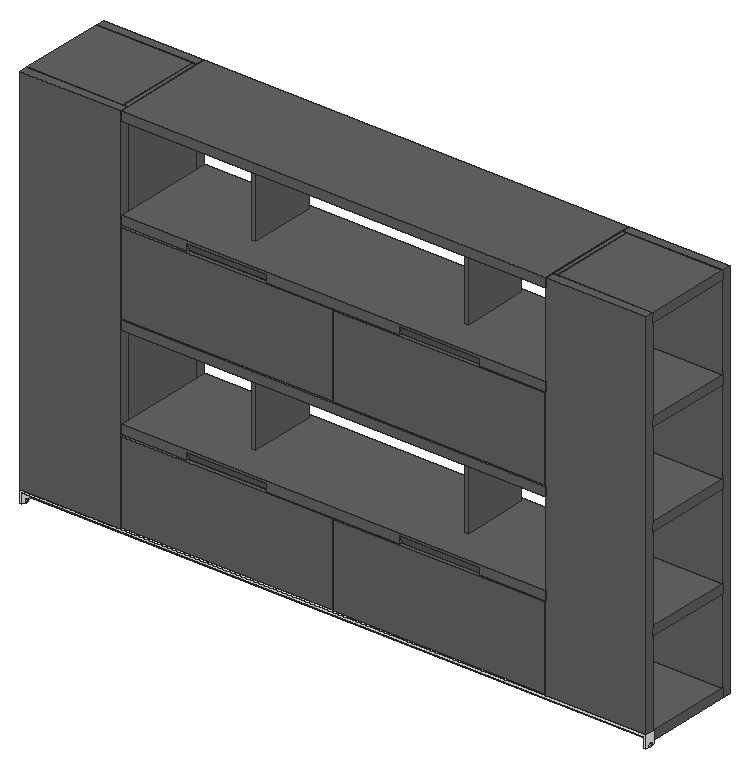
Revit family "Bookcase-Teknion-ZXBD_Storage_Side_Shelves-R2011", category Furniture Systems, Revit 2013
Parameters (values of type "18"x108"x66", Hidden Box, Lateral File Drawer")
  Has Right File Drawer = yes
  Has Left File Drawer = yes
  Width = 108"
  Warranty = "http://www.teknionstudio.com/pdfs/Teknion%20Studio%20Warranty.pdf"
  Unit Weight = 780.00 lbf
  Unit Finish [instance] = Veneer - Teknion - P7 - Grey Oak
  URL = "www.teknionstudio.com"
  Series = "B&B Italia"
  Product Page URL = "http://www.teknionstudio.com/acexecutive/"
  Product Line = "AC Executive"
  Product Documentation Link = "http://www.teknionstudio.com/pricing/ac_executive_ppg.pdf"
  Percentage of Recycled Content = 0
  Part Number = "ZXBD"
  Model = "ZXBD1810866B"
  Manufacturer Phone = "919-464-2920"
  Manufacturer Fax = "919-464-2927"
  Manufacturer Email = "customersupport@teknionstudio.com"
  Manufacturer Address = "3940 US 70 Business HWY West, Clayton, NC 27520"
  Manufacturer = "Teknion Studio"  # constant formula
  Low Emitting Material = yes
  Low Emitting Finish = yes
  Height = 66.712"
  Has Right Hidden Box = yes
  Has Left Hidden Box = yes
  Description = "Bookcase w/Storage & Side Access Shlvs, 18\"dx108\"wx66\"h, Hidden Box & Lat File Drawer"
  Depth = 18"
  Assembly Code = "E2020200"
Types (5): name | Model | Has Right Hidden Box | Has Left Hidden Box | Description
  (no name) | "ZXBD1810866B" | yes | yes | "Bookcase w/Storage & Side Access Shlvs, 18\"dx108\"wx66\"h, Hidden Box & Lat File Drawer"
  18"x108"x66", Hidden Box, Lateral File Drawer | "ZXBD1810866B" | yes | yes | "Bookcase w/Storage & Side Access Shlvs, 18\"dx108\"wx66\"h, Hidden Box & Lat File Drawer"
  18"x108"66", Lateral File Drawers | "ZXBD1810866F" | no | no | "Bookcase w/Storage & Side Access Shlvs, 18\"dx108\"wx66\"h, Lat File Drawers"
  18"x108"x66", Left Lateral File, Right Hidden Box/Lateral File | "ZXBD1810866X" | yes | no | "Bookcase w/Storage & Side Access Shlvs, 18\"dx108\"wx66\"h, Lt Lat File, Rt Hidden Box/Lat File"
  18"x108"x66", Left Hidden Box/Lateral File, Right Lateral File | "ZXBD1810866Y" | no | yes | "Bookcase w/Storage & Side Access Shlvs, 18\"dx108\"wx66\"h, Lt Hidden Box/Lat File, Rt Lat File"
Reference planes (in)
  plane 1 "Center F/B": y = 0
  plane 2: z = 0
  plane 3 "L": x = -29.0139
  plane 4 "Back": y = 9
  plane 5 "Front": y = -9
  plane 6 "Flip up Cabinets Top": z = 50.56622
  plane 7 "R": x = 44.3719
  plane 8: z = 18.27467
  plane 9: z = 34.42045
  plane 10: z = 2.1289
  plane 11 "Center (Left/Right)": x = 7.679
  plane 12 "Foot Centerline": y = -8.2126
  plane 13: z = 66.712
  plane 14 "Left": x = -46.321
  plane 15 "Right": x = 61.679
  plane 16: x = 26.02446
Forms (in)
  Sweep 1, solid, material "Metal - Teknion - C6 - Chrome"
    path origin (0, 0, 0) x (1, 0, 0) y (0, 0, 1)
      loop
        line (-46.321, 0.05803) -> (-46.321, 2.1289) -> (61.679, 2.1289) -> (61.679, 0.05803)
    profile origin (7.679, 0, 2.1289) x (0, 0, 1) y (0, -1, 0)
      loop
        line (0, 9) -> (-0.394, 9) -> (-0.394, 7.4252) -> (0, 7.4252) -> (0, 9)
  Sweep 2, solid, material "Metal - Teknion - C6 - Chrome"
    path origin (0, 0, 0) x (1, 0, 0) y (0, 0, 1)
      loop
        line (-46.321, 2.1289) -> (61.679, 2.1289)
    profile origin (7.679, 0, 2.1289) x (0, 0, 1) y (0, -1, 0)
      loop
        line (-0.394, 7.6222) -> (-1.5748, 7.6222) -> (-1.5748, 7.4252) -> (-0.394, 7.4252) -> (-0.394, 7.6222)
  Revolve 3, solid, material "Metal - Teknion - C6 - Chrome"
    sketch origin (-17.68575, -8.2126, 0) x (0, 0, -1) y (1, 0, 0)
      loop
        line (-0.4911, -28.43825) -> (-0.4911, -28.7729) -> (-0.45173, -28.81227) -> (-0.28492, -28.81227) -> (-0.24555, -28.7729) -> (-0.20618, -28.81227) -> (-0.03937, -28.81227) -> (0, -28.7729) -> (0, -28.43825) -> (-0.4911, -28.43825)
      axis (0, -28.43825) -> (-0.4911, -28.43825)
    angle from 0 to 360
  Sweep 4, solid, material "Veneer - Teknion - P7 - Grey Oak" <- "Unit Finish"
    path origin (0, 0, 0) x (1, 0, 0) y (0, 0, 1)
      loop
        line (-29.0139, 18.27467) -> (44.3719, 18.27467)
    profile origin (7.679, 0, 18.27467) x (0, 0, 1) y (0, -1, 0)
      loop
        line (0, 9) -> (-1.5394, 9) -> (-1.5394, -9) -> (0, -9) -> (0, 9)
      loop
        line (30.75218, -9) -> (32.29155, -9) -> (32.29155, 9) -> (30.75218, 9) -> (30.75218, -9)
      loop
        line (16.14578, 9) -> (14.60641, 9) -> (14.60641, -9) -> (16.14578, -9) -> (16.14578, 9)
  Sweep 5, solid, material "Veneer - Teknion - P7 - Grey Oak" <- "Unit Finish"
    path origin (0, 0, 15.40683) x (-1, 0, 0) y (0, -1, 0)
      loop
        line (-7.679, -8.25197) -> (-7.679, 3.1417)
    profile origin (7.679, 2.55513, 15.40683) x (1, 0, 0) y (0, 0, 1)
      loop
        line (-18.6427, 49.76577) -> (-18.6427, 35.15939) -> (-18.04821, 35.15939) -> (-18.04821, 49.76577) -> (-18.6427, 49.76577)
      loop
        line (18.6427, 49.76577) -> (18.04821, 49.76577) -> (18.04821, 35.15939) -> (18.6427, 35.15939) -> (18.6427, 49.76577)
      loop
        line (-18.6427, 17.47422) -> (-18.6427, 2.86784) -> (-18.04821, 2.86784) -> (-18.04821, 17.47422) -> (-18.6427, 17.47422)
      loop
        line (18.6427, 17.47422) -> (18.04821, 17.47422) -> (18.04821, 2.86784) -> (18.6427, 2.86784) -> (18.6427, 17.47422)
  Sweep 6, solid, material "Veneer - Teknion - P7 - Grey Oak" <- "Unit Finish"
    path origin (0, 0, 48.43733) x (1, 0, 0) y (0, 0, 1)
      loop
        line (-29.0139, 18.27467) -> (44.3719, 18.27467)
    profile origin (7.679, 0, 66.712) x (0, 0, 1) y (0, -1, 0)
      loop
        line (0, 9) -> (-1.5394, 9) -> (-1.5394, -9) -> (0, -9) -> (0, 9)
      loop
        line (-64.5831, -9) -> (-64.5831, 7.4252) -> (-66.15791, 7.4252) -> (-66.15791, -9) -> (-64.5831, -9)
  Sweep 7, solid, material "Veneer - Teknion - P7 - Grey Oak" <- "Unit Finish"
    path origin (0, 0, -4) x (1, 0, 0) y (0, 0, 1)
      loop
        line (-29.0139, 38.42045) -> (44.3719, 38.42045)
    profile origin (7.679, 0, 34.42045) x (0, 0, 1) y (0, -1, 0)
      loop
        line (14.60641, -8.25197) -> (0, -8.25197) -> (0, -9) -> (14.60641, -9) -> (14.60641, -8.25197)
      loop
        line (-17.68515, -8.25197) -> (-32.29155, -8.25197) -> (-32.29155, -9) -> (-17.68515, -9) -> (-17.68515, -8.25197)
  Revolve 8, solid, material "Metal - Teknion - C6 - Chrome"
    sketch origin (33.075, -8.2126, 0) x (0, 0, -1) y (-1, 0, 0)
      loop
        line (-0.4911, -28.407) -> (-0.4911, -28.74165) -> (-0.45173, -28.78102) -> (-0.28492, -28.78102) -> (-0.24555, -28.74165) -> (-0.20618, -28.78102) -> (-0.03937, -28.78102) -> (0, -28.74165) -> (0, -28.407) -> (-0.4911, -28.407)
      axis (0, -28.407) -> (-0.4911, -28.407)
    angle from 0 to 360
  Sweep 9, solid, material "Veneer - Teknion - P7 - Grey Oak" <- "Unit Finish"
    path origin (0, 0, 0) x (1, 0, 0) y (0, 1, 0)
      loop
        line (7.679, -9) -> (7.679, -8.2756)
    profile origin (7.679, -8.6378, 0) x (-1, 0, 0) y (0, 0, 1)
      loop
        line (36.4429, 16.48527) -> (0.125, 16.48527) -> (0.125, 2.3789) -> (36.4429, 2.3789) -> (36.4429, 16.48527)
      loop
        line (-36.4429, 16.48527) -> (-36.4429, 2.3789) -> (-0.125, 2.3789) -> (-0.125, 16.48527) -> (-36.4429, 16.48527)
      loop
        line (36.4429, 34.67045) -> (36.4429, 48.77682) -> (0.125, 48.77682) -> (0.125, 34.67045) -> (36.4429, 34.67045)
      loop
        line (-36.4429, 34.67045) -> (-0.125, 34.67045) -> (-0.125, 48.77682) -> (-36.4429, 48.77682) -> (-36.4429, 34.67045)
  Sweep 10, void
    path origin (0, -9, 0) x (1, 0, 0) y (0, 0, 1)
      loop
        line (-17.55621, 0) -> (-3.77671, 0)
    profile origin (-10.66646, -9, 0) x (0, 0, 1) y (0, -1, 0)
      loop
        line (16.73527, 0) -> (16.73527, -0.4724) -> (17.88078, 0) -> (16.73527, 0)
      loop
        line (49.02685, 0) -> (49.02685, -0.4724) -> (50.17236, 0) -> (49.02685, 0)
  Sweep 11, void
    path origin (33.54374, -9, 0) x (1, 0, 0) y (0, 0, 1)
      loop
        line (-14.40903, 0) -> (-0.62953, 0)
    profile origin (26.02446, -9, 0) x (0, 0, 1) y (0, -1, 0)
      loop
        line (16.73527, 0) -> (16.73527, -0.4724) -> (17.88078, 0) -> (16.73527, 0)
      loop
        line (49.02685, 0) -> (49.02685, -0.4724) -> (50.17236, 0) -> (49.02685, 0)
Cuts and joins
  joined: Sweep 1, Sweep 2, Revolve 3
  Sweep 10, Sweep 11 cuts Sweep 4
  Sweep 10, Sweep 11 cuts Sweep 6
  Sweep 10, Sweep 11 cuts Sweep 9
Lines and regions (in)
  Masking region 1
    outline origin (0, 0, 15.40683) x (-1, 0, 0) y (0, -1, 0)
      loop
        line (29.0139, -9) -> (29.0139, 9) -> (-44.3719, 9) -> (-44.3719, -9) -> (29.0139, -9)
  symbolic lines, style "Elevation Swing"
    curve 1: line (-28.7639, -9, 48.77682) -> (-10.60495, -9, 34.67045)
    curve 2: line (-10.60495, -9, 34.67045) -> (7.554, -9, 48.77682)
    curve 3: line (7.804, -9, 48.77682) -> (25.96295, -9, 34.65862)
    curve 4: line (25.96295, -9, 34.65862) -> (44.1219, -9, 48.77682)
  symbolic lines, style "FurnitureSystemsHiddenLines", visible <- "Has Left Hidden Box"
    curve 5: line (-28.01646, -9, 11.36517) -> (6.68354, -9, 11.36517)
    curve 6: line (-28.01646, -9, 15.73527) -> (-28.01646, -9, 11.36517)
    curve 7: line (6.68354, -9, 15.73527) -> (-28.01646, -9, 15.73527)
    curve 8: line (6.68354, -9, 11.36517) -> (6.68354, -9, 15.73527)
  symbolic lines, style "FurnitureSystemsHiddenLines", visible <- "Has Right Hidden Box"
    curve 9: line (43.37446, -9, 11.36517) -> (8.67446, -9, 11.36517)
    curve 10: line (43.37446, -9, 15.73527) -> (43.37446, -9, 11.36517)
    curve 11: line (8.67446, -9, 15.73527) -> (43.37446, -9, 15.73527)
    curve 12: line (8.67446, -9, 11.36517) -> (8.67446, -9, 15.73527)
  symbolic lines, style "FurnitureSystemsHiddenLines", visible <- "Has Left File Drawer"
    curve 13: line (-28.01646, -9, 2.96517) -> (6.68354, -9, 2.96517)
    curve 14: line (-28.01646, -9, 9.66517) -> (-28.01646, -9, 2.96517)
    curve 15: line (6.68354, -9, 9.66517) -> (-28.01646, -9, 9.66517)
    curve 16: line (6.68354, -9, 2.96517) -> (6.68354, -9, 9.66517)
  symbolic lines, style "FurnitureSystemsHiddenLines", visible <- "Has Right File Drawer"
    curve 17: line (43.37446, -9, 2.96517) -> (8.67446, -9, 2.96517)
    curve 18: line (43.37446, -9, 9.66517) -> (43.37446, -9, 2.96517)
    curve 19: line (8.67446, -9, 9.66517) -> (43.37446, -9, 9.66517)
    curve 20: line (8.67446, -9, 2.96517) -> (8.67446, -9, 9.66517)
Dimensions and locks (in)
  equal spacing: plane 4 "Back", plane 1 "Center F/B", plane 5 "Front"
  "Depth": plane 4 "Back" to plane 5 "Front"
  "Height": plane 13 to plane 2
  locked: plane 10 to plane 2 at 2.1289
  locked: Sweep 1 sketch curve to plane 2 at 0.05803  (x2)
  locked: plane 10 to Sweep 2 sketch curve at 0.394
  locked: Sweep 2 sketch curve to Sweep 2 sketch curve at 1.1808
  plane 5 "Front" to Sweep 2 sketch curve to Sweep 2 sketch curve = 1.3778" locked, 0.197" locked
  locked: plane 5 "Front" to plane 12 "Foot Centerline" at 0.7874
  locked: plane 8 to Sweep 4 sketch curve at 1.5394
  locked: plane 6 "Flip up Cabinets Top" to Sweep 4 sketch curve at 1.53937
  equal spacing: plane 13, plane 6 "Flip up Cabinets Top", plane 9, plane 8, plane 10
  locked: plane 9 to Sweep 4 sketch curve at 1.53937
  locked: plane 13 to Sweep 6 sketch curve at 1.5394
  locked: plane 10 to Sweep 6 sketch curve at 1.5748
  locked: Sweep 6 sketch curve to plane 5 "Front" at 1.5748
  locked: Sweep 5 sketch curve to Sweep 5 sketch curve at 0.59449  (x4)
  locked: plane 4 "Back" to Sweep 5 sketch curve at 0.74803
  locked: plane 4 "Back" to Sweep 5 sketch curve at 12.1417
  locked: plane 13 to Sweep 5 sketch curve at 1.5394
  locked: plane 9 to Sweep 5 sketch curve at 1.5394
  plane 9 to Sweep 5 sketch curve = 1.5394"
  locked: Sweep 5 sketch curve to plane 3 "L" at 18.0502  (x2)
  locked: plane 7 "R" to Sweep 5 sketch curve at 18.0502  (x2)
  locked: plane 4 "Back" to Sweep 7 sketch curve at 0.74803  (x2)
  locked: plane 8 to Sweep 7 sketch curve at 1.53937
  locked: plane 6 "Flip up Cabinets Top" to Sweep 7 sketch curve at 1.53937
  Revolve 3 sketch curve to Revolve 3 sketch curve to Revolve 3 sketch curve to Revolve 3 sketch curve to Revolve 3 sketch curve = 0.16681" locked, 0.03937" locked, 0.03937" locked, 0.16681" locked
  Revolve 8 sketch curve to Revolve 8 sketch curve to Revolve 8 sketch curve to Revolve 8 sketch curve to Revolve 8 sketch curve = 0.16681" locked, 0.03937" locked, 0.03937" locked, 0.16681" locked
  equal spacing: plane 14 "Left", plane 11 "Center (Left/Right)", plane 15 "Right"
  "Width": plane 14 "Left" to plane 15 "Right"
  locked: plane 5 "Front" to Sweep 9 sketch curve at 0.7244
  locked: Sweep 9 sketch curve to plane 3 "L" at 0.25  (x2)
  locked: plane 8 to Sweep 9 sketch curve at 1.7894  (x2)
  locked: plane 11 "Center (Left/Right)" to Sweep 9 sketch curve at 0.125
  locked: Sweep 9 sketch curve to plane 10 at 0.25  (x2)
  locked: Sweep 9 sketch curve to plane 11 "Center (Left/Right)" at 0.125
  locked: plane 7 "R" to Sweep 9 sketch curve at 0.25
  Sweep 9 sketch curve to plane 11 "Center (Left/Right)" to Sweep 9 sketch curve = 1/8" locked, 1/8" locked
  locked: Sweep 9 sketch curve to plane 7 "R" at 0.25
  locked: plane 6 "Flip up Cabinets Top" to Sweep 9 sketch curve at 1.7894  (x2)
  locked: Sweep 9 sketch curve to plane 9 at 0.25  (x2)
  locked: plane 8 to Sweep 10 sketch curve at 1.5394
  locked: plane 6 "Flip up Cabinets Top" to Sweep 10 sketch curve at 1.53937
  locked: plane 6 "Flip up Cabinets Top" to Sweep 11 sketch curve at 1.53937
  locked: plane 8 to Sweep 11 sketch curve at 1.5394
  locked: curve 7 to curve 5 at 4.3701
  locked: plane 14 "Left" to plane 3 "L" at 17.3071
  locked: plane 7 "R" to plane 15 "Right" at 17.3071
  locked: curve 6 to curve 8 at 34.7
  locked: plane 8 to curve 7 at 2.5394
  Sweep 10 sketch curve to Sweep 10 sketch curve to plane 3 "L" = 13.7795" locked, 11.45769" locked
  Sweep 11 sketch curve to Sweep 11 sketch curve to plane 7 "R" = 13.7795" locked, 11.45769" locked
  locked: plane 11 "Center (Left/Right)" to curve 8 at 0.99546
  locked: curve 11 to curve 9 at 4.3701
  locked: curve 10 to curve 12 at 34.7
  locked: curve 12 to plane 11 "Center (Left/Right)" at 0.99546
  locked: plane 8 to curve 11 at 2.5394
  locked: curve 15 to curve 13 at 6.7
  locked: curve 14 to curve 16 at 34.7
  locked: curve 5 to curve 15 at 1.7
  locked: curve 19 to curve 17 at 6.7
  locked: curve 18 to curve 20 at 34.7
  locked: curve 9 to curve 19 at 1.7
  curve 20 to plane 11 "Center (Left/Right)" to curve 16 = 0.99546" locked, 0.99546" locked
  locked: Revolve 3 sketch curve to plane 14 "Left" at 0.197
  locked: plane 15 "Right" to Revolve 8 sketch curve at 0.197
  aligned and locked: level to plane 2
  aligned and locked: Sweep 1 sketch curve to plane 10  (x2)
  aligned and locked: Sweep 1 sketch curve to plane 5 "Front"
  aligned and locked: Sweep 2 sketch curve to plane 10
  aligned and locked: Sweep 4 sketch curve to plane 8  (x2)
  aligned and locked: Sweep 4 sketch curve to plane 5 "Front"  (x2)
  aligned and locked: plane 4 "Back" to Sweep 4 sketch curve  (x3)
  aligned and locked: Masking region 1 sketch curve to plane 4 "Back"
  aligned and locked: plane 3 "L" to Masking region 1 sketch curve
  aligned and locked: Masking region 1 sketch curve to plane 5 "Front"
  aligned and locked: Sweep 5 sketch curve to plane 11 "Center (Left/Right)"
  aligned and locked: plane 6 "Flip up Cabinets Top" to Sweep 5 sketch curve
  aligned and locked: Sweep 4 sketch curve to plane 6 "Flip up Cabinets Top"
  aligned and locked: plane 9 to Sweep 4 sketch curve
  aligned and locked: plane 5 "Front" to Sweep 4 sketch curve
  aligned and locked: Sweep 6 sketch curve to plane 4 "Back"  (x2)
  aligned and locked: plane 5 "Front" to Sweep 6 sketch curve
  aligned and locked: plane 13 to Sweep 6 sketch curve
  aligned and locked: plane 3 "L" to Sweep 6 sketch curve
  aligned and locked: plane 7 "R" to Sweep 6 sketch curve
  aligned and locked: Sweep 6 sketch curve to plane 13
  aligned and locked: Sweep 6 sketch curve to plane 10
  aligned and locked: Sweep 5 sketch curve to plane 8
  aligned and locked: plane 8 to Sweep 5 sketch curve
  aligned and locked: Sweep 7 sketch curve to plane 9  (x2)
  aligned and locked: plane 4 "Back" to Sweep 7 sketch curve  (x2)
  aligned and locked: Sweep 7 sketch curve to plane 10
  aligned and locked: Revolve 3 sketch curve to plane 2
  aligned and locked: plane 2 to Revolve 8 sketch curve
  aligned: plane 3 "L" to nested 1
  aligned: plane 7 "R" to nested 2
  aligned and locked: plane 3 "L" to nested 1
  aligned and locked: plane 1 "Center F/B" to nested 1
  aligned and locked: plane 7 "R" to nested 2
  aligned and locked: nested 2 to plane 1 "Center F/B"
  aligned and locked: Sweep 1 sketch curve to plane 14 "Left"
  aligned and locked: Sweep 1 sketch curve to plane 15 "Right"
  aligned and locked: plane 14 "Left" to Sweep 2 sketch curve
  aligned and locked: plane 15 "Right" to Sweep 2 sketch curve
  aligned and locked: plane 5 "Front" to Sweep 9 sketch curve
  aligned and locked: plane 11 "Center (Left/Right)" to Sweep 9 sketch curve
  aligned and locked: Sweep 10 sketch curve to plane 2
  aligned and locked: plane 5 "Front" to Sweep 10 sketch curve  (x2)
  aligned and locked: plane 5 "Front" to Sweep 11 sketch curve  (x2)
  aligned and locked: curve 2 to cut or joined group of Sweep 9, Sweep 10, Sweep 11
  aligned and locked: curve 1 to cut or joined group of Sweep 9, Sweep 10, Sweep 11
  aligned and locked: cut or joined group of Sweep 9, Sweep 10, Sweep 11 to curve 1
  aligned and locked: cut or joined group of Sweep 9, Sweep 10, Sweep 11 to cut or joined group of Sweep 9, Sweep 10, Sweep 11
  aligned and locked: cut or joined group of Sweep 9, Sweep 10, Sweep 11 to curve 2
  aligned and locked: cut or joined group of Sweep 9, Sweep 10, Sweep 11 to curve 4
  aligned and locked: curve 4 to cut or joined group of Sweep 9, Sweep 10, Sweep 11
  aligned and locked: curve 3 to cut or joined group of Sweep 9, Sweep 10, Sweep 11
  aligned and locked: cut or joined group of Sweep 9, Sweep 10, Sweep 11 to curve 3
  aligned and locked: plane 3 "L" to Sweep 4 sketch curve
  aligned and locked: plane 7 "R" to Sweep 4 sketch curve
  aligned and locked: plane 3 "L" to Sweep 7 sketch curve
  aligned and locked: plane 7 "R" to Sweep 7 sketch curve
  aligned and locked: Revolve 3 sketch curve to Revolve 3 sketch curve
  aligned and locked: Revolve 8 sketch curve to Revolve 8 sketch curve
Automatic sketch dimensions
  profile plane to Sweep 1 sketch curve = 0.394"
  Sweep 1 sketch curve to Sweep 1 sketch curve = 1.5748"
  level to Revolve 3 sketch curve = 0.03937"
  Revolve 3 sketch curve to plane 3 "L" = 17.44475"  (x2)
  Revolve 3 sketch curve to Revolve 3 sketch curve = 0.03937"  (x3)
  Revolve 3 sketch curve to Revolve 3 sketch curve = 0.73976"
  Revolve 3 sketch curve to level = 0.43399"
  Masking region 1 sketch curve to plane 7 "R" = 0"
  Sweep 5 sketch curve to Sweep 5 sketch curve = 17.68518"
  Sweep 5 sketch curve to Sweep 5 sketch curve = 14.60638"
  Revolve 8 sketch curve to level = 0.03937"
  Revolve 8 sketch curve to plane 7 "R" = 17.44475"  (x2)
  Revolve 8 sketch curve to Revolve 8 sketch curve = 0.03937"  (x3)
  Revolve 8 sketch curve to Revolve 8 sketch curve = 0.73976"
  level to Revolve 8 sketch curve = 0.43399"
  Sweep 11 sketch curve to level = 0"
  plane 9 to curve 1 = 1/4"
  curve 1 to plane 11 "Center (Left/Right)" = 18.28395"
  plane 9 to curve 3 = 0.23817"
  plane 11 "Center (Left/Right)" to curve 3 = 18.28395"
  Sweep 10 sketch curve to Sweep 10 sketch curve = 1.14551"  (x2)
  Sweep 10 sketch curve to Sweep 10 sketch curve = 0.4724"
  Sweep 10 sketch curve to plane 5 "Front" = 0.4724"
  Sweep 11 sketch curve to Sweep 11 sketch curve = 1.14551"  (x2)
  Sweep 11 sketch curve to Sweep 11 sketch curve = 0.4724"
  Sweep 11 sketch curve to plane 5 "Front" = 0.4724"
Nested families (in)
  nested 1: "Bookcase-Unit-Teknion-Side_Shelves" at (-37.6674, 0, 0) x (0, -1, 0) z (0, 0, 1), type "Side Access Shelves"
    with Depth 17.307"
  nested 2: "Bookcase-Unit-Teknion-Side_Shelves" at (53.0254, 0, 0) x (0, -1, 0) z (0, 0, 1), type "Side Access Shelves"
    with Depth 17.307"
Definition of nested family "Bookcase-Unit-Teknion-Side_Shelves"
  Parameters (values of type "Side Access Shelves")
    Width = 18"
    Wall Unit Finish = Veneer - Teknion - P8 - Light Brushed Oak
    URL = ""
    Model = ""
    Manufacturer = "Teknion Studio"  # constant formula
    Height = 66.712"
    Description = ""
    Depth = 17.717"
    Assembly Code = "E2010200"
  Reference planes (in)
    plane 1 "Center F/B": y = 0
    plane 2: z = 0
    plane 3 "Center L/R": x = 0
    plane 4 "Left": x = -9
    plane 5 "Right": x = 9
    plane 6 "Back": y = 8.8585
    plane 7 "Front": y = -8.8585
    plane 8 "Top": z = 66.712
    plane 9: x = -7.46063
    plane 10: x = 7.46063
    plane 11: z = 2.1289
    plane 12: z = 50.56622
    plane 13: z = 34.42045
    plane 14: z = 18.27467
  Forms (in)
    Sweep 1, solid, material "Veneer - Teknion - P8 - Light Brushed Oak" <- "Wall Unit Finish"
      path origin (0, -8.8585, 0) x (1, 0, 0) y (0, 0, 1)
        loop
          line (0, 2.1289) -> (0, 66.712)
      profile origin (0, -8.8585, 34.42045) x (-1, 0, 0) y (0, -1, 0)
        loop
          line (7.46063, -17.717) -> (7.46063, -16.967) -> (-7.46063, -16.967) -> (-7.46063, -17.717) -> (7.46063, -17.717)
    Sweep 2, solid, material "Veneer - Teknion - P8 - Light Brushed Oak" <- "Wall Unit Finish"
      path origin (0, 0, 0) x (1, 0, 0) y (0, 1, 0)
        loop
          line (0, 8.8585) -> (0, -8.8585)
      profile origin (0, 0, 0) x (1, 0, 0) y (0, 0, 1)
        loop
          line (-9, 66.712) -> (-9, 0.5895) -> (-7.46063, 0.5895) -> (-7.46063, 66.712) -> (-9, 66.712)
        loop
          line (7.46063, 66.712) -> (7.46063, 2.1289) -> (9, 2.1289) -> (9, 66.712) -> (7.46063, 66.712)
    Sweep 3, solid, material "Veneer - Teknion - P8 - Light Brushed Oak" <- "Wall Unit Finish"
      path origin (0, 0, 0) x (1, 0, 0) y (0, 1, 0)
        loop
          line (0, 8.1085) -> (0, -8.8585)
      profile origin (0, -0.375, 0) x (1, 0, 0) y (0, 0, 1)
        loop
          line (-7.46063, 66.712) -> (-7.46063, 65.1726) -> (7.46063, 65.1726) -> (7.46063, 66.712) -> (-7.46063, 66.712)
        loop
          line (-7.46063, 50.56622) -> (-7.46063, 49.02682) -> (7.46063, 49.02682) -> (7.46063, 50.56622) -> (-7.46063, 50.56622)
        loop
          line (-7.46063, 34.42045) -> (-7.46063, 32.88105) -> (7.46063, 32.88105) -> (7.46063, 34.42045) -> (-7.46063, 34.42045)
        loop
          line (-7.46063, 18.27467) -> (-7.46063, 16.73527) -> (7.46063, 16.73527) -> (7.46063, 18.27467) -> (-7.46063, 18.27467)
        loop
          line (-7.46063, 2.1289) -> (-7.46063, 0.5895) -> (7.46063, 0.5895) -> (7.46063, 2.1289) -> (-7.46063, 2.1289)
  Lines and regions (in)
    Masking region 1
      outline origin (0, 0, 15.40683) x (-1, 0, 0) y (0, -1, 0)
        loop
          line (9, -8.8585) -> (9, 8.8585) -> (-9, 8.8585) -> (-9, -8.8585) -> (9, -8.8585)
    symbolic lines, style "FurnitureSystems", detail levels medium+fine
      curve 1: line (-7.46063, 8.8585, 15.40683) -> (-7.46063, -8.8585, 15.40683)
      curve 2: line (7.46063, 8.8585, 15.40683) -> (7.46063, -8.8585, 15.40683)
  Dimensions and locks (in)
    equal spacing: plane 4 "Left", plane 3 "Center L/R", plane 5 "Right"
    "Width": plane 4 "Left" to plane 5 "Right"
    equal spacing: plane 6 "Back", plane 1 "Center F/B", plane 7 "Front"
    "Depth": plane 6 "Back" to plane 7 "Front"
    locked: plane 4 "Left" to plane 9 at 1.53937
    locked: plane 10 to plane 5 "Right" at 1.53937
    "Height": plane 8 "Top" to level
    locked: plane 11 to plane 2 at 2.1289
    locked: plane 6 "Back" to Sweep 1 sketch curve at 0.75
    equal spacing: plane 8 "Top", plane 12, plane 13, plane 14, plane 11
    locked: plane 6 "Back" to Sweep 3 sketch curve at 0.75
    locked: Sweep 3 sketch curve to plane 8 "Top" at 1.5394
    locked: Sweep 3 sketch curve to plane 12 at 1.5394
    locked: Sweep 3 sketch curve to plane 13 at 1.5394
    locked: Sweep 3 sketch curve to plane 14 at 1.5394
    locked: Sweep 3 sketch curve to plane 11 at 1.5394
    locked: plane 11 to Sweep 2 sketch curve at 1.5394
    aligned and locked: level to plane 2
    aligned and locked: plane 11 to Sweep 1 sketch curve
    aligned and locked: plane 3 "Center L/R" to Sweep 1 sketch curve
    aligned and locked: plane 9 to Sweep 1 sketch curve
    aligned and locked: Sweep 1 sketch curve to plane 10
    aligned and locked: Sweep 1 sketch curve to plane 6 "Back"
    aligned and locked: plane 4 "Left" to Masking region 1 sketch curve
    aligned and locked: Masking region 1 sketch curve to plane 6 "Back"
    aligned and locked: Masking region 1 sketch curve to plane 5 "Right"
    aligned and locked: Masking region 1 sketch curve to plane 7 "Front"
    aligned and locked: plane 6 "Back" to curve 1
    aligned and locked: curve 1 to plane 9
    aligned and locked: plane 7 "Front" to curve 2
    aligned and locked: plane 6 "Back" to curve 2
    aligned and locked: curve 2 to plane 10
    aligned and locked: plane 6 "Back" to Sweep 2 sketch curve
    aligned and locked: Sweep 2 sketch curve to plane 3 "Center L/R"
    aligned and locked: plane 4 "Left" to Sweep 2 sketch curve
    aligned and locked: Sweep 2 sketch curve to plane 9
    aligned and locked: Sweep 2 sketch curve to plane 8 "Top"  (x2)
    aligned and locked: Sweep 2 sketch curve to plane 5 "Right"
    aligned and locked: plane 10 to Sweep 2 sketch curve
    aligned and locked: plane 11 to Sweep 2 sketch curve
    aligned and locked: plane 7 "Front" to Sweep 3 sketch curve
    aligned and locked: Sweep 3 sketch curve to plane 3 "Center L/R"
    aligned and locked: plane 14 to Sweep 3 sketch curve
    aligned and locked: plane 13 to Sweep 3 sketch curve
    aligned and locked: plane 12 to Sweep 3 sketch curve
    aligned and locked: plane 8 "Top" to Sweep 3 sketch curve
    aligned and locked: plane 10 to Sweep 3 sketch curve  (x5)
    aligned and locked: Sweep 3 sketch curve to plane 9  (x5)
    aligned and locked: plane 11 to Sweep 3 sketch curve
    aligned and locked: plane 8 "Top" to Sweep 1 sketch curve
    aligned and locked: plane 7 "Front" to Sweep 2 sketch curve
  Automatic sketch dimensions
    plane 7 "Front" to curve 1 = 0"
